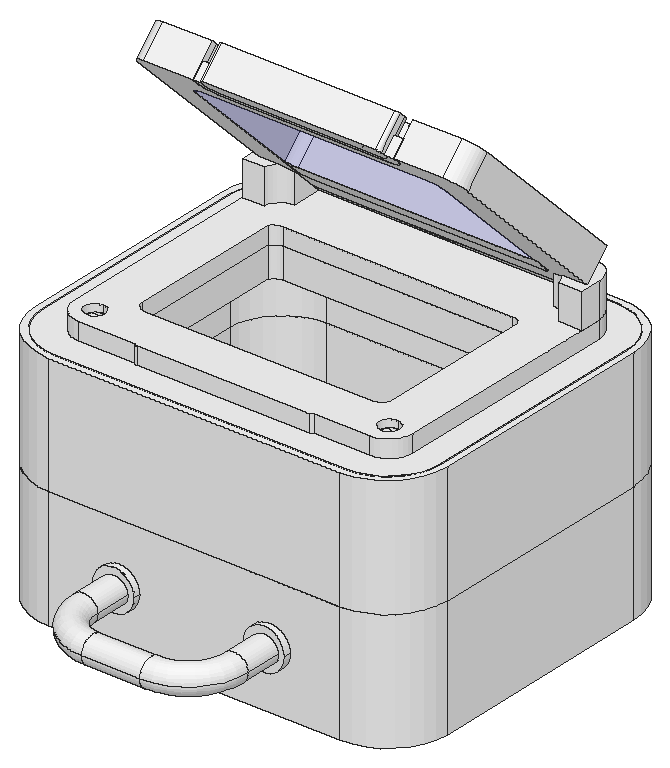
Revit family "Domotics-DomesticRanges-GEWISS-27COMBI_SYSTEM-IP55_FIXING_POST_BRACKET", category Apparecchi elettrici, host Superficie, Revit 2016
Family settings
  Host = Superficie
  Mantenere orientamento annotazione = No
  Tipo di parte = Normale
  Quota connettore circolare = Usa diametro
  Numero OmniClass = 23.80.30.14.24
  Titolo OmniClass = Junction Boxes
  Taglio con vuoti quando caricato = Sì
  Condiviso = No
  Punto di calcolo locali = No
Parameters (values of type "GW27057 - 3 gangs - post fixing")
  Version file RFA = "19.4"
  URL = "https://www.gewiss.com/ww/en"
  Type of knockout holes = "Removable with tool"
  Torque screws tightening = "0,8NM"
  Thermo-pressure with ball = "70 °C"
  Technical sheet = "https://www.gewiss.com/ww/en/search?q=GW27057"
  Standard; = "EN 60670-1"
  Shock resistance = "IK07"
  SPORTELLO APERTO [instance] = yes
  SEO = "Enclosure"
  Realized by GEWISS S.p.A. = ""
  Produttore = "GEWISS S.p.A."
  Outer dim. LxHxD (mm) = "122x164x85"
  Offset = 0 mm
  No. open holes = "1"
  No. knockouts holes Ã˜20 = "1"
  No. SYSTEM modules = "3 gang"
  Modello = "GW27057"
  Lid screws = "Stainless steel"
  Insulation class = "II"
  Installation temperature = "-25 +60 °C"
  IP degree = "IP55"
  IFC.TypeObject = ""
  IFC.ExportType = ""
  IFC.ExportAs = ""
  Default Elevation = 1219.2 mm
  Immagine tipo = GW27057.jpg
  IDT = "412df75b-c3fd-4420-9821-ba4985a7eb74"
  IDF = "2b74a3d1-c86b-4a0d-9461-8d5ed67e54bd"
  Glow Wire Test = "650°C"
  For pole Ã˜ = "54-76MM"
  Fixing = "Post bracket"
  Electrocod = "0212"
  EAN code = "8011564055438"
  Door type = "With membrane"
  Door colour: = "Transparent"
  Descrizione = "3 GANG WATERTIGHT ENCL.FOR POST FIXING"
  Description: = "3 gang"
  Colour = "Grey RAL 7035"
  Catalogue Range = "27COMBI"
  Catalogue = "DOMOTICS"
  COBie.Tagnumber = ""
  COBie.CreatedOn = ""
  COBie.CreatebBy = ""
  COBie.ComponentRegisterItemID = ""
  COBie.Component.TagNumber = ""
  COBie.Component.Space = ""
  COBie.Component.SerialNumber = ""
  COBie.Component.InstallationDate = ""
  COBie.Component.Description = ""
  COBie.Component.BarCode = ""
Reference planes
  plane 1 "Centro (Fronte/Retro)": y = 0
  plane 2: z = 0
  plane 3 "Centro (Sinistra/Destra)": x = 0
  plane 4: z = 0
  plane 5: x = -60
  plane 6: x = 60
  plane 7: y = -51.5
  plane 8: y = 51.5
  plane 9: z = 66
Lines and regions (mm)
  Masking region 1
    outline origin (0, 0, 0) x (1, 0, 0) y (0, 0, 1)
      loop
        line (-60, 0) -> (60, 0) -> (60, 66) -> (-60, 66) -> (-60, 0)
  Masking region 2
    outline origin (0, 0, 0) x (0, 1, 0) y (0, 0, 1)
      loop
        line (-51.5, 0) -> (51.5, 0) -> (51.5, 66) -> (-51.5, 66) -> (-51.5, 0)
  Masking region 3
    outline origin (0, 0, 0) x (1, 0, 0) y (0, 1, 0)
      loop
        line (16.52, 52.5) -> (26.038, 52.5) -> (26.038, 64.422)
        arc (26.038, 64.422) -> (20.912, 76.796) -> (8.538, 81.922) r 17.5
        line (8.538, 81.922) -> (-8.462, 81.922)
        arc (-8.462, 81.922) -> (-20.837, 76.796) -> (-25.962, 64.422) r 17.5
        line (-25.962, 64.422) -> (-25.962, 52.5) -> (-16.444, 52.5) -> (-16.444, 65.422)
        arc (-16.444, 65.422) -> (-16.152, 66.129) -> (-15.444, 66.422) r 1
        line (-15.444, 66.422) -> (15.52, 66.422)
        arc (15.52, 66.422) -> (16.227, 66.129) -> (16.52, 65.422) r 1
        line (16.52, 65.422) -> (16.52, 52.5)
      loop
        line (16.52, -52.5) -> (16.52, -65.422)
        arc (16.52, -65.422) -> (16.227, -66.129) -> (15.52, -66.422) r 1
        line (15.52, -66.422) -> (-15.444, -66.422)
        arc (-15.444, -66.422) -> (-16.152, -66.129) -> (-16.444, -65.422) r 1
        line (-16.444, -65.422) -> (-16.444, -52.5) -> (-25.962, -52.5) -> (-25.962, -64.422)
        arc (-25.962, -64.422) -> (-20.837, -76.796) -> (-8.462, -81.922) r 17.5
        line (-8.462, -81.922) -> (8.538, -81.922)
        arc (8.538, -81.922) -> (20.912, -76.796) -> (26.038, -64.422) r 17.5
        line (26.038, -64.422) -> (26.038, -52.5) -> (16.52, -52.5)
      loop
        arc (60, 34) -> (54.874, 46.374) -> (42.5, 51.5) r 17.5
        line (42.5, 51.5) -> (-42.5, 51.5)
        arc (-42.5, 51.5) -> (-54.874, 46.374) -> (-60, 34) r 17.5
        line (-60, 34) -> (-60, -34)
        arc (-60, -34) -> (-54.874, -46.374) -> (-42.5, -51.5) r 17.5
        line (-42.5, -51.5) -> (42.5, -51.5)
        arc (42.5, -51.5) -> (54.874, -46.374) -> (60, -34) r 17.5
        line (60, -34) -> (60, 34)
      loop
        arc (56.306, 34.157) -> (52.271, 43.898) -> (42.529, 47.933) r 13.777
        line (42.529, 47.933) -> (-42.496, 47.933)
        arc (-42.496, 47.933) -> (-51.949, 44.221) -> (-56.35, 35.067) r 13.891
        line (-56.35, 35.067) -> (-56.35, -34)
        arc (-56.35, -34) -> (-52.293, -43.793) -> (-42.5, -47.85) r 13.85
        line (-42.5, -47.85) -> (42.5, -47.85)
        arc (42.5, -47.85) -> (52.675, -43.395) -> (56.306, -32.898) r 13.85
        line (56.306, -32.898) -> (56.306, 34.157)
      loop
        line (26.425, -40.831) -> (42.763, -40.831)
        arc (42.763, -40.831) -> (47.713, -38.781) -> (49.763, -33.831) r 7
        line (49.763, -33.831) -> (49.763, 34.169)
        arc (49.763, 34.169) -> (47.713, 39.118) -> (42.763, 41.169) r 7
        line (42.763, 41.169) -> (-42.237, 41.169)
        arc (-42.237, 41.169) -> (-47.186, 39.118) -> (-49.237, 34.169) r 7
        line (-49.237, 34.169) -> (-49.237, -33.831)
        arc (-49.237, -33.831) -> (-47.186, -38.781) -> (-42.237, -40.831) r 7
        line (-42.237, -40.831) -> (-25.898, -40.831)
        arc (-25.898, -40.831) -> (-25.533, -41.192) -> (-25.037, -41.324) r 1
        line (-25.037, -41.324) -> (25.563, -41.324)
        arc (25.563, -41.324) -> (26.06, -41.192) -> (26.425, -40.831) r 1
      loop
        circle (-17.337, -38.622) r 1
      loop
        circle (-8.537, -38.622) r 1
      loop
        circle (0.263, -38.622) r 1
      loop
        circle (9.063, -38.622) r 1
      loop
        circle (17.863, -38.622) r 1
      loop
        circle (43.263, -34.331) r 3
      loop
        circle (-42.737, -34.331) r 3
      loop
        circle (-42.737, 34.669) r 3
      loop
        circle (43.263, 34.669) r 3
      loop
        arc (-33.5, 30.169) -> (-35.621, 29.29) -> (-36.5, 27.169) r 3
        line (-36.5, 27.169) -> (-36.5, -24.831)
        arc (-36.5, -24.831) -> (-35.621, -26.953) -> (-33.5, -27.831) r 3
        line (-33.5, -27.831) -> (33.5, -27.831)
        arc (33.5, -27.831) -> (35.621, -26.953) -> (36.5, -24.831) r 3
        line (36.5, -24.831) -> (36.5, 27.169)
        arc (36.5, 27.169) -> (35.621, 29.29) -> (33.5, 30.169) r 3
        line (33.5, 30.169) -> (-33.5, 30.169)
      loop
        line (34.65, 19.669) -> (-34.65, 19.669) -> (-34.65, -25.331) -> (34.65, -25.331) -> (34.65, 19.669)
  Masking region 4
    outline origin (0, 0, 0) x (1, 0, 0) y (0, 1, 0)
      loop
        line (42.529, 47.933) -> (-42.496, 47.933)
        arc (-42.496, 47.933) -> (-51.949, 44.221) -> (-56.35, 35.067) r 13.891
        line (-56.35, 35.067) -> (-56.35, -34)
        arc (-56.35, -34) -> (-52.293, -43.793) -> (-42.5, -47.85) r 13.85
        line (-42.5, -47.85) -> (42.5, -47.85)
        arc (42.5, -47.85) -> (52.675, -43.395) -> (56.306, -32.898) r 13.85
        line (56.306, -32.898) -> (56.306, 34.157)
        arc (56.306, 34.157) -> (52.271, 43.898) -> (42.529, 47.933) r 13.777
      loop
        line (42.763, 41.169) -> (-42.237, 41.169)
        arc (-42.237, 41.169) -> (-47.186, 39.118) -> (-49.237, 34.169) r 7
        line (-49.237, 34.169) -> (-49.237, -33.831)
        arc (-49.237, -33.831) -> (-47.186, -38.781) -> (-42.237, -40.831) r 7
        line (-42.237, -40.831) -> (-25.898, -40.831)
        arc (-25.898, -40.831) -> (-25.533, -41.192) -> (-25.037, -41.324) r 1
        line (-25.037, -41.324) -> (25.563, -41.324)
        arc (25.563, -41.324) -> (26.06, -41.192) -> (26.425, -40.831) r 1
        line (26.425, -40.831) -> (42.763, -40.831)
        arc (42.763, -40.831) -> (47.713, -38.781) -> (49.763, -33.831) r 7
        line (49.763, -33.831) -> (49.763, 34.169)
        arc (49.763, 34.169) -> (47.713, 39.118) -> (42.763, 41.169) r 7
  Masking region 5
    outline origin (0, 0, 0) x (1, 0, 0) y (0, 1, 0)
      loop
        line (-16, -51.5) -> (-28, -51.5) -> (-28, -52.5) -> (-16, -52.5) -> (-16, -51.5)
      loop
        line (16, -51.5) -> (16, -52.5) -> (28, -52.5) -> (28, -51.5) -> (16, -51.5)
      loop
        line (-16, 51.5) -> (-16, 52.5) -> (-28, 52.5) -> (-28, 51.5) -> (-16, 51.5)
      loop
        line (16, 51.5) -> (28, 51.5) -> (28, 52.5) -> (16, 52.5) -> (16, 51.5)
      loop
        line (-37.737, 41.169) -> (-42.237, 41.169)
        arc (-42.237, 41.169) -> (-47.186, 39.118) -> (-49.237, 34.169) r 7
        line (-49.237, 34.169) -> (-49.237, 27.637)
        arc (-49.237, 27.637) -> (-46.111, 27.71) -> (-42.986, 27.836) r 185.778
        arc (-42.986, 27.836) -> (-41.206, 31.123) -> (-37.737, 32.513) r 5.5
        line (-37.737, 32.513) -> (-37.737, 41.169)
      loop
        line (49.763, 27.16) -> (49.763, 34.169)
        arc (49.763, 34.169) -> (47.713, 39.118) -> (42.763, 41.169) r 7
        line (42.763, 41.169) -> (38.063, 41.169) -> (38.063, 32.217)
        arc (38.063, 32.217) -> (41.631, 30.811) -> (43.264, 27.342) r 5.2
        arc (43.264, 27.342) -> (46.513, 27.221) -> (49.763, 27.16) r 177.869
      loop
        circle (-42.737, 34.669) r 3
      loop
        circle (43.263, 34.669) r 3
      loop
        arc (-33.5, 30.169) -> (-35.621, 29.29) -> (-36.5, 27.169) r 3
        line (-36.5, 27.169) -> (-36.5, 20.971)
        arc (-36.5, 20.971) -> (-35.223, 22.215) -> (-33.5, 22.669) r 3.5
        line (-33.5, 22.669) -> (33.5, 22.669)
        arc (33.5, 22.669) -> (35.223, 22.215) -> (36.5, 20.971) r 3.5
        line (36.5, 20.971) -> (36.5, 27.169)
        arc (36.5, 27.169) -> (35.621, 29.29) -> (33.5, 30.169) r 3
        line (33.5, 30.169) -> (-33.5, 30.169)
  Masking region 6
    outline origin (0, 0, 0) x (1, 0, 0) y (0, 1, 0)
      loop
        arc (-23.037, -35.165) -> (-25.158, -36.044) -> (-26.037, -38.165) r 3
        line (-26.037, -38.165) -> (-26.037, -40.324)
        arc (-26.037, -40.324) -> (-25.744, -41.031) -> (-25.037, -41.324) r 1
        line (-25.037, -41.324) -> (25.563, -41.324)
        arc (25.563, -41.324) -> (26.271, -41.031) -> (26.563, -40.324) r 1
        line (26.563, -40.324) -> (26.563, -38.165)
        arc (26.563, -38.165) -> (25.685, -36.044) -> (23.563, -35.165) r 3
        line (23.563, -35.165) -> (-23.037, -35.165)
      loop
        circle (-17.337, -38.622) r 1
      loop
        circle (-8.537, -38.622) r 1
      loop
        circle (0.263, -38.622) r 1
      loop
        circle (9.063, -38.622) r 1
      loop
        circle (17.863, -38.622) r 1
      loop
        arc (-47.7, 27.667) -> (-48.468, 27.65) -> (-49.237, 27.637) r 185.778
        line (-49.237, 27.637) -> (-49.237, -33.831)
        arc (-49.237, -33.831) -> (-47.186, -38.781) -> (-42.237, -40.831) r 7
        line (-42.237, -40.831) -> (-29.037, -40.831) -> (-29.037, -39.2) -> (-38.5, -39.2)
        arc (-38.5, -39.2) -> (-39.207, -38.907) -> (-39.5, -38.2) r 1
        line (-39.5, -38.2) -> (-39.5, -34.5)
        arc (-39.5, -34.5) -> (-40.525, -32.025) -> (-43, -31) r 3.5
        line (-43, -31) -> (-46.7, -31)
        arc (-46.7, -31) -> (-47.407, -30.707) -> (-47.7, -30) r 1
        line (-47.7, -30) -> (-47.7, 27.667)
      loop
        line (29.563, -40.831) -> (42.763, -40.831)
        arc (42.763, -40.831) -> (47.713, -38.781) -> (49.763, -33.831) r 7
        line (49.763, -33.831) -> (49.763, 27.16)
        arc (49.763, 27.16) -> (48.732, 27.173) -> (47.7, 27.192) r 177.869
        line (47.7, 27.192) -> (47.7, -30)
        arc (47.7, -30) -> (47.407, -30.707) -> (46.7, -31) r 1
        line (46.7, -31) -> (43, -31)
        arc (43, -31) -> (40.525, -32.025) -> (39.5, -34.5) r 3.5
        line (39.5, -34.5) -> (39.5, -38.2)
        arc (39.5, -38.2) -> (39.207, -38.907) -> (38.5, -39.2) r 1
        line (38.5, -39.2) -> (29.563, -39.2) -> (29.563, -40.831)
      loop
        circle (-42.737, -34.331) r 3
      loop
        circle (43.263, -34.331) r 3
      loop
        line (38.063, 38.269) -> (38.063, 41.169) -> (-37.737, 41.169) -> (-37.737, 38.268)
        arc (-37.737, 38.268) -> (0.163, 39.169) -> (38.063, 38.269) r 798.156
Dimensions and locks
  "Offset": plane 4 to host face
  locked: plane 9 to plane 4 at 66
  aligned and locked: plane 2 to host face
  aligned and locked: level to host face
  aligned and locked: plane 3 "Centro (Sinistra/Destra)" to nested 1
  aligned and locked: plane 1 "Centro (Fronte/Retro)" to nested 1
  aligned and locked: nested 1 to plane 4
  aligned and locked: Masking region 1 sketch curve to level
  aligned and locked: Masking region 1 sketch curve to nested 1
  aligned and locked: plane 6 to Masking region 1 sketch curve
  aligned and locked: plane 9 to Masking region 1 sketch curve
  aligned and locked: Masking region 2 sketch curve to level
  aligned and locked: Masking region 2 sketch curve to nested 1
  aligned and locked: plane 9 to Masking region 2 sketch curve
  aligned and locked: plane 8 to Masking region 2 sketch curve
Automatic sketch dimensions
  host sketch curve to host sketch curve = 2438.4 mm  (x2)
  Masking region 3 sketch curve to plane 7 = 1 mm  (x2)
  plane 8 to Masking region 3 sketch curve = 1 mm  (x2)
  Masking region 3 sketch curve to plane 3 "Centro (Sinistra/Destra)" = 25.962 mm
  Masking region 3 sketch curve to Masking region 3 sketch curve = 9.518 mm  (x4)
  Masking region 3 sketch curve to Masking region 3 sketch curve = 1 mm  (x8)
  Masking region 3 sketch curve to Masking region 3 sketch curve = 6.982 mm  (x4)
  plane 3 "Centro (Sinistra/Destra)" to Masking region 3 sketch curve = 8.538 mm  (x2)
  Masking region 3 sketch curve to plane 7 = 12.922 mm
  plane 8 to Masking region 3 sketch curve = 12.922 mm
  Masking region 3 sketch curve to plane 5 = 0 mm
  Masking region 3 sketch curve to plane 8 = 0 mm
  Masking region 3 sketch curve to plane 7 = 0 mm
  Masking region 3 sketch curve to plane 6 = 0 mm
  Masking region 3 sketch curve to Masking region 3 sketch curve = 16.538 mm
  Masking region 3 sketch curve to Masking region 3 sketch curve = 16.462 mm  (x2)
  Masking region 3 sketch curve to Masking region 3 sketch curve = 0 mm  (x6)
  Masking region 3 sketch curve to Masking region 3 sketch curve = 3.65 mm
  Masking region 3 sketch curve to Masking region 3 sketch curve = 0.004 mm
  Masking region 3 sketch curve to Masking region 3 sketch curve = 0.029 mm
  Masking region 3 sketch curve to plane 6 = 3.694 mm
  Masking region 3 sketch curve to Masking region 3 sketch curve = 0.042 mm
  Masking region 3 sketch curve to Masking region 3 sketch curve = 0.157 mm
  Masking region 3 sketch curve to Masking region 3 sketch curve = 6.737 mm  (x2)
  Masking region 3 sketch curve to Masking region 3 sketch curve = 0.263 mm  (x2)
  Masking region 3 sketch curve to Masking region 3 sketch curve = 0.259 mm
  Masking region 3 sketch curve to Masking region 3 sketch curve = 0.235 mm
  Masking region 3 sketch curve to Masking region 3 sketch curve = 6.542 mm
  Masking region 3 sketch curve to Masking region 3 sketch curve = 6.831 mm  (x3)
  Masking region 3 sketch curve to Masking region 3 sketch curve = 0.012 mm
  Masking region 3 sketch curve to Masking region 3 sketch curve = 0.064 mm
  Masking region 3 sketch curve to Masking region 3 sketch curve = 0.387 mm
  Masking region 3 sketch curve to Masking region 3 sketch curve = 0.862 mm  (x2)
  Masking region 3 sketch curve to Masking region 3 sketch curve = 0.241 mm
  Masking region 3 sketch curve to Masking region 3 sketch curve = 0.237 mm
  Masking region 3 sketch curve to Masking region 3 sketch curve = 5.737 mm
  Masking region 3 sketch curve to Masking region 3 sketch curve = 3 mm  (x3)
  Masking region 3 sketch curve to Masking region 3 sketch curve = 7.7 mm  (x2)
  Masking region 3 sketch curve to plane 3 "Centro (Sinistra/Destra)" = 8.537 mm
  plane 3 "Centro (Sinistra/Destra)" to Masking region 3 sketch curve = 0.263 mm
  Masking region 3 sketch curve to Masking region 3 sketch curve = 8.8 mm
  Masking region 3 sketch curve to Masking region 3 sketch curve = 9 mm  (x2)
  Masking region 3 sketch curve to Masking region 3 sketch curve = 0.5 mm  (x5)
  plane 7 to Masking region 3 sketch curve = 12.878 mm
  Masking region 3 sketch curve to Masking region 3 sketch curve = 1.701 mm  (x2)
  Masking region 3 sketch curve to Masking region 3 sketch curve = 0.331 mm
  Masking region 3 sketch curve to Masking region 3 sketch curve = 6.169 mm
  Masking region 3 sketch curve to Masking region 3 sketch curve = 0.627 mm
  Masking region 3 sketch curve to Masking region 3 sketch curve = 1.15 mm  (x2)
  Masking region 3 sketch curve to Masking region 3 sketch curve = 7.5 mm
  plane 5 to Masking region 4 sketch curve = 3.65 mm
  Masking region 4 sketch curve to Masking region 4 sketch curve = 13.85 mm  (x2)
  Masking region 4 sketch curve to Masking region 4 sketch curve = 13.854 mm
  plane 7 to Masking region 4 sketch curve = 3.65 mm
  Masking region 4 sketch curve to plane 6 = 17.5 mm
  Masking region 4 sketch curve to plane 8 = 3.567 mm
  Masking region 4 sketch curve to plane 6 = 17.471 mm
  Masking region 4 sketch curve to plane 6 = 3.694 mm
  Masking region 4 sketch curve to Masking region 4 sketch curve = 13.891 mm
  Masking region 4 sketch curve to Masking region 4 sketch curve = 6.737 mm
  Masking region 4 sketch curve to Masking region 4 sketch curve = 0.263 mm  (x2)
  Masking region 4 sketch curve to Masking region 4 sketch curve = 0.259 mm
  plane 7 to Masking region 4 sketch curve = 10.669 mm
  Masking region 4 sketch curve to Masking region 4 sketch curve = 16.338 mm
  Masking region 4 sketch curve to Masking region 4 sketch curve = 0.862 mm  (x2)
  Masking region 4 sketch curve to Masking region 4 sketch curve = 16.937 mm
  Masking region 4 sketch curve to Masking region 4 sketch curve = 0.235 mm
  Masking region 4 sketch curve to Masking region 4 sketch curve = 6.542 mm
  plane 7 to Masking region 4 sketch curve = 10.176 mm
  Masking region 4 sketch curve to Masking region 4 sketch curve = 6.831 mm
  Masking region 4 sketch curve to Masking region 4 sketch curve = 0.127 mm
  Masking region 5 sketch curve to plane 8 = 0 mm  (x2)
  Masking region 5 sketch curve to plane 7 = 0 mm  (x2)
  plane 8 to Masking region 5 sketch curve = 1 mm  (x2)
  Masking region 5 sketch curve to plane 3 "Centro (Sinistra/Destra)" = 28 mm  (x2)
  Masking region 5 sketch curve to plane 7 = 1 mm  (x2)
  Masking region 5 sketch curve to Masking region 5 sketch curve = 12 mm  (x4)
  plane 3 "Centro (Sinistra/Destra)" to Masking region 5 sketch curve = 16 mm  (x2)
  plane 5 to Masking region 5 sketch curve = 22.452 mm
  Masking region 5 sketch curve to Masking region 5 sketch curve = 0.189 mm
  plane 5 to Masking region 5 sketch curve = 7.985 mm
  Masking region 5 sketch curve to Masking region 5 sketch curve = 5.497 mm
  Masking region 5 sketch curve to Masking region 5 sketch curve = 5.439 mm
  Masking region 5 sketch curve to Masking region 5 sketch curve = 6.25 mm
  Masking region 5 sketch curve to Masking region 5 sketch curve = 8.655 mm
  Masking region 5 sketch curve to Masking region 5 sketch curve = 4.5 mm
  Masking region 5 sketch curve to Masking region 5 sketch curve = 7 mm
  Masking region 5 sketch curve to plane 6 = 17.237 mm
  Masking region 5 sketch curve to plane 8 = 17.331 mm
  Masking region 5 sketch curve to Masking region 5 sketch curve = 6.531 mm
  Masking region 5 sketch curve to Masking region 5 sketch curve = 4.7 mm
  Masking region 5 sketch curve to Masking region 5 sketch curve = 0.011 mm
  Masking region 5 sketch curve to plane 6 = 8.494 mm
  Masking region 5 sketch curve to Masking region 5 sketch curve = 7.152 mm
  Masking region 5 sketch curve to Masking region 5 sketch curve = 1.952 mm
  Masking region 5 sketch curve to Masking region 5 sketch curve = 8.374 mm
  Masking region 5 sketch curve to Masking region 5 sketch curve = 5.19 mm
  Masking region 5 sketch curve to Masking region 5 sketch curve = 0.182 mm
  Masking region 5 sketch curve to Masking region 5 sketch curve = 0.5 mm  (x4)
  Masking region 5 sketch curve to Masking region 5 sketch curve = 3 mm  (x4)
  Masking region 5 sketch curve to Masking region 5 sketch curve = 1.048 mm
  Masking region 5 sketch curve to Masking region 5 sketch curve = 4.575 mm
  Masking region 5 sketch curve to Masking region 5 sketch curve = 0.152 mm
  Masking region 5 sketch curve to Masking region 5 sketch curve = 8 mm  (x2)
  Masking region 5 sketch curve to Masking region 5 sketch curve = 3.5 mm
  Masking region 5 sketch curve to Masking region 5 sketch curve = 0 mm
  Masking region 6 sketch curve to Masking region 6 sketch curve = 1 mm  (x7)
  Masking region 6 sketch curve to Masking region 6 sketch curve = 3 mm  (x3)
  plane 3 "Centro (Sinistra/Destra)" to Masking region 6 sketch curve = 23.563 mm
  Masking region 6 sketch curve to Masking region 6 sketch curve = 2 mm
  plane 7 to Masking region 6 sketch curve = 10.176 mm
  Masking region 6 sketch curve to Masking region 6 sketch curve = 2.158 mm
  Masking region 6 sketch curve to Masking region 6 sketch curve = 5.7 mm  (x2)
  Masking region 6 sketch curve to Masking region 6 sketch curve = 0.457 mm  (x2)
  Masking region 6 sketch curve to Masking region 6 sketch curve = 12.463 mm
  Masking region 6 sketch curve to Masking region 6 sketch curve = 3.5 mm
  Masking region 6 sketch curve to Masking region 6 sketch curve = 3.7 mm  (x3)
  Masking region 6 sketch curve to Masking region 6 sketch curve = 7.8 mm
  plane 3 "Centro (Sinistra/Destra)" to Masking region 6 sketch curve = 0.263 mm
  Masking region 6 sketch curve to Masking region 6 sketch curve = 8.8 mm
  plane 7 to Masking region 6 sketch curve = 12.3 mm
  Masking region 6 sketch curve to Masking region 6 sketch curve = 0 mm  (x3)
  Masking region 6 sketch curve to plane 8 = 23.833 mm
  Masking region 6 sketch curve to Masking region 6 sketch curve = 1.537 mm
  Masking region 6 sketch curve to Masking region 6 sketch curve = 2.737 mm  (x2)
  Masking region 6 sketch curve to Masking region 6 sketch curve = 16.2 mm
  Masking region 6 sketch curve to Masking region 6 sketch curve = 7 mm
  plane 7 to Masking region 6 sketch curve = 10.669 mm
  Masking region 6 sketch curve to Masking region 6 sketch curve = 2.631 mm
  Masking region 6 sketch curve to Masking region 6 sketch curve = 0.263 mm  (x2)
  Masking region 6 sketch curve to Masking region 6 sketch curve = 0.169 mm  (x2)
  Masking region 6 sketch curve to Masking region 6 sketch curve = 4.263 mm
  Masking region 6 sketch curve to Masking region 6 sketch curve = 0.237 mm
  Masking region 6 sketch curve to Masking region 6 sketch curve = 1.631 mm
  Masking region 6 sketch curve to Masking region 6 sketch curve = 0.669 mm
  Masking region 6 sketch curve to Masking region 6 sketch curve = 0.032 mm
  plane 5 to Masking region 6 sketch curve = 7.985 mm
  Masking region 6 sketch curve to plane 6 = 8.494 mm
  Masking region 6 sketch curve to Masking region 6 sketch curve = 8.374 mm
  Masking region 6 sketch curve to Masking region 6 sketch curve = 0.029 mm
  Masking region 6 sketch curve to plane 8 = 24.34 mm
  plane 3 "Centro (Sinistra/Destra)" to Masking region 6 sketch curve = 0.17 mm
  Masking region 6 sketch curve to Masking region 6 sketch curve = 9.637 mm
  Masking region 6 sketch curve to Masking region 6 sketch curve = 10.601 mm
  Masking region 6 sketch curve to Masking region 6 sketch curve = 2.901 mm
  Masking region 6 sketch curve to Masking region 6 sketch curve = 2.9 mm
  Masking region 6 sketch curve to plane 7 = 707.488 mm
  radius of Masking region 3 sketch curve = 1 mm  (x5)
  radius of Masking region 3 sketch curve = 3 mm  (x4)
  radius of Masking region 5 sketch curve = 3 mm
  radius of Masking region 6 sketch curve = 1 mm  (x4)
  radius of Masking region 6 sketch curve = 3 mm
Nested families
  nested 1: "SYSTEM CONTENITORI IP55 3P PALO_BASE" at (0, 0, 0), Sportello aperto <- "SPORTELLO APERTO", type "SYSTEM CONTENITORI IP55 3P PALO_BASE"
    with Sportello chiuso no, Sportello aperto yes
Definition of nested family "SYSTEM CONTENITORI IP55 3P PALO_BASE"
  Parameters (values of type "SYSTEM CONTENITORI IP55 3P PALO_BASE")
    VETRO = none
    Sportello chiuso [instance] = not(Sportello aperto)  # no
    Sportello aperto [instance] = yes
    SCATOLA = none
    Profondità scatola = 85 mm
    Larghezza scatola = 120 mm
    Altezza scatola = 103 mm
    ACCIAIO = none
  Reference planes
    plane 1 "Centro (Fronte/Retro)": y = 0
    plane 2: z = 0
    plane 3 "Centro (Sinistra/Destra)": x = 0
    plane 4: x = -60
    plane 5: x = 60
    plane 6: y = 51.5
    plane 7: y = -51.5
    plane 8: z = 35
    plane 9: z = 75
    plane 10 "1": y = 34.669
    plane 11 "PIANO BIDIMENSIONALE": z = 70
    plane 12: z = 73
    plane 13: x = 28
    plane 14: x = 16
    plane 15 "2": z = 17.5
    plane 16: x = 22
  Forms (mm)
    Extrusion 1, solid, material <- "SCATOLA", detail levels medium+fine
      sketch origin (0, 0, 85) x (0, -1, 0) y (1, 0, 0)
        loop
          line (-51.5, 42.5) -> (-51.5, -42.5)
          arc (-51.5, -42.5) -> (-46.374, -54.874) -> (-34, -60) r 17.5
          line (-34, -60) -> (34, -60)
          arc (34, -60) -> (46.374, -54.874) -> (51.5, -42.5) r 17.5
          line (51.5, -42.5) -> (51.5, 42.5)
          arc (51.5, 42.5) -> (46.374, 54.874) -> (34, 60) r 17.5
          line (34, 60) -> (-34, 60)
          arc (-34, 60) -> (-46.374, 54.874) -> (-51.5, 42.5) r 17.5
        loop
          line (-49.5, 42.5) -> (-49.5, -42.5)
          arc (-49.5, -42.5) -> (-44.96, -53.46) -> (-34, -58) r 15.5
          line (-34, -58) -> (34, -58)
          arc (34, -58) -> (44.96, -53.46) -> (49.5, -42.5) r 15.5
          line (49.5, -42.5) -> (49.5, 42.5)
          arc (49.5, 42.5) -> (44.96, 53.46) -> (34, 58) r 15.5
          line (34, 58) -> (-34, 58)
          arc (-34, 58) -> (-44.96, 53.46) -> (-49.5, 42.5) r 15.5
      from -85 to -50
    Extrusion 2, solid, material <- "SCATOLA", detail levels medium+fine
      sketch origin (0, 0, 85) x (0, -1, 0) y (1, 0, 0)
        loop
          arc (-49.5, -42.5) -> (-44.96, -53.46) -> (-34, -58) r 15.5
          line (-34, -58) -> (34, -58)
          arc (34, -58) -> (44.96, -53.46) -> (49.5, -42.5) r 15.5
          line (49.5, -42.5) -> (49.5, 42.5)
          arc (49.5, 42.5) -> (44.96, 53.46) -> (34, 58) r 15.5
          line (34, 58) -> (-34, 58)
          arc (-34, 58) -> (-44.96, 53.46) -> (-49.5, 42.5) r 15.5
          line (-49.5, 42.5) -> (-49.5, -42.5)
      from -85 to -83
    Extrusion 3, solid, material <- "SCATOLA", detail levels medium+fine
      sketch origin (0, 0, 85) x (0, -1, 0) y (1, 0, 0)
        loop
          line (-51.5, 42.5) -> (-51.5, -42.5)
          arc (-51.5, -42.5) -> (-46.374, -54.874) -> (-34, -60) r 17.5
          line (-34, -60) -> (34, -60)
          arc (34, -60) -> (46.374, -54.874) -> (51.5, -42.5) r 17.5
          line (51.5, -42.5) -> (51.5, 42.5)
          arc (51.5, 42.5) -> (46.374, 54.874) -> (34, 60) r 17.5
          line (34, 60) -> (-34, 60)
          arc (-34, 60) -> (-46.374, 54.874) -> (-51.5, 42.5) r 17.5
        loop
          line (-49.5, 42.5) -> (-49.5, -42.5)
          arc (-49.5, -42.5) -> (-44.96, -53.46) -> (-34, -58) r 15.5
          line (-34, -58) -> (34, -58)
          arc (34, -58) -> (44.96, -53.46) -> (49.5, -42.5) r 15.5
          line (49.5, -42.5) -> (49.5, 42.5)
          arc (49.5, 42.5) -> (44.96, 53.46) -> (34, 58) r 15.5
          line (34, 58) -> (-34, 58)
          arc (-34, 58) -> (-44.96, 53.46) -> (-49.5, 42.5) r 15.5
      from -50 to -15
    Extrusion 4, solid, material <- "SCATOLA", detail levels medium+fine
      sketch origin (0, 0, 85) x (0, -1, 0) y (1, 0, 0)
        loop
          line (40.831, -42.237) -> (40.831, -25.898)
          arc (40.831, -25.898) -> (41.192, -25.533) -> (41.324, -25.037) r 1
          line (41.324, -25.037) -> (41.324, 25.563)
          arc (41.324, 25.563) -> (41.192, 26.06) -> (40.831, 26.425) r 1
          line (40.831, 26.425) -> (40.831, 42.763)
          arc (40.831, 42.763) -> (38.781, 47.713) -> (33.831, 49.763) r 7
          line (33.831, 49.763) -> (-34.169, 49.763)
          arc (-34.169, 49.763) -> (-39.118, 47.713) -> (-41.169, 42.763) r 7
          line (-41.169, 42.763) -> (-41.169, -42.237)
          arc (-41.169, -42.237) -> (-39.118, -47.186) -> (-34.169, -49.237) r 7
          line (-34.169, -49.237) -> (33.831, -49.237)
          arc (33.831, -49.237) -> (38.781, -47.186) -> (40.831, -42.237) r 7
        loop
          circle (-34.669, -42.737) r 3
        loop
          circle (-34.669, 42.737) r 3
        loop
          circle (34.331, -42.737) r 3
        loop
          circle (34.331, 43.263) r 3
        loop
          arc (-22.669, -33.5) -> (-22.215, -35.223) -> (-20.971, -36.5) r 3.5
          line (-20.971, -36.5) -> (24.831, -36.5)
          arc (24.831, -36.5) -> (26.953, -35.621) -> (27.831, -33.5) r 3
          line (27.831, -33.5) -> (27.831, 33.5)
          arc (27.831, 33.5) -> (26.953, 35.621) -> (24.831, 36.5) r 3
          line (24.831, 36.5) -> (-20.971, 36.5)
          arc (-20.971, 36.5) -> (-22.215, 35.223) -> (-22.669, 33.5) r 3.5
          line (-22.669, 33.5) -> (-22.669, -33.5)
      from -15 to -10
    Extrusion 5, solid, material <- "SCATOLA", visible <- "Sportello chiuso", detail levels medium+fine
      sketch origin (0, 0, 85) x (0, -1, 0) y (1, 0, 0)
        loop
          arc (34.465, -47.7) -> (37.514, -46.322) -> (39.2, -43.432) r 5.5
          line (39.2, -43.432) -> (39.2, -29.037) -> (37.188, -29.037)
          arc (37.188, -29.037) -> (34.006, -27.719) -> (32.688, -24.537) r 4.5
          line (32.688, -24.537) -> (32.688, 25.063)
          arc (32.688, 25.063) -> (34.006, 28.245) -> (37.188, 29.563) r 4.5
          line (37.188, 29.563) -> (39.2, 29.563) -> (39.2, 43.958)
          arc (39.2, 43.958) -> (37.272, 47.054) -> (33.831, 48.263) r 5.5
          line (33.831, 48.263) -> (-27.654, 48.263)
          arc (-27.654, 48.263) -> (-27.726, 45.624) -> (-27.836, 42.986) r 185.778
          arc (-27.836, 42.986) -> (-31.123, 41.206) -> (-32.513, 37.737) r 5.5
          line (-32.513, 37.737) -> (-38.284, 37.737)
          arc (-38.284, 37.737) -> (-39.169, 0) -> (-38.268, -37.737) r 798.156
          line (-38.268, -37.737) -> (-32.513, -37.737)
          arc (-32.513, -37.737) -> (-31.123, -41.206) -> (-27.836, -42.986) r 5.5
          arc (-27.836, -42.986) -> (-27.736, -45.343) -> (-27.667, -47.7) r 185.778
          line (-27.667, -47.7) -> (34.465, -47.7)
        loop
          arc (24.831, -36.5) -> (26.953, -35.621) -> (27.831, -33.5) r 3
          line (27.831, -33.5) -> (27.831, 33.5)
          arc (27.831, 33.5) -> (26.953, 35.621) -> (24.831, 36.5) r 3
          line (24.831, 36.5) -> (-27.169, 36.5)
          arc (-27.169, 36.5) -> (-29.29, 35.621) -> (-30.169, 33.5) r 3
          line (-30.169, 33.5) -> (-30.169, -33.5)
          arc (-30.169, -33.5) -> (-29.29, -35.621) -> (-27.169, -36.5) r 3
          line (-27.169, -36.5) -> (24.831, -36.5)
      from -10 to 0
    Extrusion 6, solid, material <- "SCATOLA", visible <- "Sportello chiuso", detail levels medium+fine
      sketch origin (0, 0, 85) x (0, -1, 0) y (1, 0, 0)
        loop
          line (-22.669, -33.5) -> (-22.669, 33.5)
          arc (-22.669, 33.5) -> (-22.215, 35.223) -> (-20.971, 36.5) r 3.5
          line (-20.971, 36.5) -> (-27.169, 36.5)
          arc (-27.169, 36.5) -> (-29.29, 35.621) -> (-30.169, 33.5) r 3
          line (-30.169, 33.5) -> (-30.169, -33.5)
          arc (-30.169, -33.5) -> (-29.29, -35.621) -> (-27.169, -36.5) r 3
          line (-27.169, -36.5) -> (-20.971, -36.5)
          arc (-20.971, -36.5) -> (-22.215, -35.223) -> (-22.669, -33.5) r 3.5
      from -10 to -0.5
    Extrusion 7, solid, material <- "VETRO", visible <- "Sportello chiuso", detail levels medium+fine
      sketch origin (0, 0, 85) x (0, -1, 0) y (1, 0, 0)
        loop
          arc (-22.669, -33.5) -> (-22.215, -35.223) -> (-20.971, -36.5) r 3.5
          line (-20.971, -36.5) -> (24.831, -36.5)
          arc (24.831, -36.5) -> (26.953, -35.621) -> (27.831, -33.5) r 3
          line (27.831, -33.5) -> (27.831, 33.5)
          arc (27.831, 33.5) -> (26.953, 35.621) -> (24.831, 36.5) r 3
          line (24.831, 36.5) -> (-20.971, 36.5)
          arc (-20.971, 36.5) -> (-22.215, 35.223) -> (-22.669, 33.5) r 3.5
          line (-22.669, 33.5) -> (-22.669, -33.5)
      from -10 to 0
    Revolve 8, solid, material <- "ACCIAIO", detail levels medium+fine
      sketch origin (0, 34.669, -1) x (1, 0, 0) y (0, 0, 1)
        loop
          line (-44.978, 84) -> (-42.737, 84) -> (-42.737, 85)
          arc (-42.737, 85) -> (-43.965, 84.742) -> (-44.978, 84) r 2.974
        axis (-42.737, 85) -> (-42.737, 84)
      angle from 0 to 360
    Extrusion 9, solid, material <- "SCATOLA", detail levels medium+fine
      sketch origin (0, 0, 85) x (0, -1, 0) y (1, 0, 0)
        loop
          circle (-34.669, -42.737) r 3
      from -15 to -2
    Revolve 10, solid, material <- "ACCIAIO", detail levels medium+fine
      sketch origin (0, 34.669, -1) x (-1, 0, 0) y (0, 0, 1)
        loop
          line (-44.978, 84) -> (-42.737, 84) -> (-42.737, 85)
          arc (-42.737, 85) -> (-43.965, 84.742) -> (-44.978, 84) r 2.974
        axis (-42.737, 85) -> (-42.737, 84)
      angle from 0 to 360
    Extrusion 11, solid, material <- "SCATOLA", detail levels medium+fine
      sketch origin (0, 0, 85) x (0, -1, 0) y (1, 0, 0)
        loop
          circle (-34.669, 42.737) r 3
      from -15 to -2
    Extrusion 12, solid, material <- "SCATOLA", detail levels medium+fine
      sketch origin (0, 0.337, 85) x (0, 1, 0) y (-1, 0, 0)
        loop
          circle (-34.669, 42.737) r 3
      from -15 to -12
    Extrusion 13, solid, material <- "SCATOLA", detail levels medium+fine
      sketch origin (0.937, 0.337, 85) x (0, 1, 0) y (-1, 0, 0)
        loop
          circle (-34.669, -42.327) r 3
      from -15 to -12
    Extrusion 14, solid, visible <- "Sportello chiuso", detail levels medium+fine
      sketch origin (0, 0, 85) x (0, -1, 0) y (1, 0, 0)
        loop
          arc (35.165, -23.037) -> (36.044, -25.158) -> (38.165, -26.037) r 3
          line (38.165, -26.037) -> (40.324, -26.037)
          arc (40.324, -26.037) -> (41.031, -25.744) -> (41.324, -25.037) r 1
          line (41.324, -25.037) -> (41.324, 25.563)
          arc (41.324, 25.563) -> (41.031, 26.271) -> (40.324, 26.563) r 1
          line (40.324, 26.563) -> (38.165, 26.563)
          arc (38.165, 26.563) -> (36.044, 25.685) -> (35.165, 23.563) r 3
          line (35.165, 23.563) -> (35.165, -23.037)
      from -10 to 0
    Extrusion 15, solid, detail levels medium+fine
      sketch origin (0, 0, 85) x (0, -1, 0) y (1, 0, 0)
        loop
          arc (-32.513, 37.737) -> (-31.123, 41.206) -> (-27.836, 42.986) r 5.5
          arc (-27.836, 42.986) -> (-27.702, 46.374) -> (-27.63, 49.763) r 185.778
          line (-27.63, 49.763) -> (-34.169, 49.763)
          arc (-34.169, 49.763) -> (-39.118, 47.713) -> (-41.169, 42.763) r 7
          line (-41.169, 42.763) -> (-41.169, 37.737) -> (-32.513, 37.737)
        loop
          arc (-41.169, -42.237) -> (-39.118, -47.186) -> (-34.169, -49.237) r 7
          line (-34.169, -49.237) -> (-27.637, -49.237)
          arc (-27.637, -49.237) -> (-27.71, -46.111) -> (-27.836, -42.986) r 185.778
          arc (-27.836, -42.986) -> (-31.123, -41.206) -> (-32.513, -37.737) r 5.5
          line (-32.513, -37.737) -> (-41.169, -37.737) -> (-41.169, -42.237)
        loop
          circle (-34.669, -42.737) r 3
        loop
          circle (-34.669, 42.737) r 3
      from -10 to 0
    SweptBlend 16, solid, material <- "SCATOLA", visible <- "Sportello chiuso", detail levels medium+fine
      path in 3D
        loop
          line (37.737, 41.169, 75) -> (0, 41.169, 75)
      profile origin (37.737, 41.169, 75) x (0, -1, 0) y (0, 0, 1)
        loop
          line (0, 0) -> (2.885, 0) -> (2.885, 10)
          arc (2.885, 10) -> (0.773, 7.886) -> (0, 5) r 5.776
          line (0, 5) -> (0, 0)
      end profile origin (0, 41.169, 75) x (0, -1, 0) y (0, 0, 1)
        loop
          line (0, 0) -> (2, 0) -> (2, 10)
          arc (2, 10) -> (0.519, 7.693) -> (0, 5) r 7.25
          line (0, 5) -> (0, 0)
    SweptBlend 17, solid, material <- "SCATOLA", visible <- "Sportello chiuso", detail levels medium+fine
      path in 3D
        loop
          line (-37.737, 41.169, 75) -> (0, 41.169, 75)
      profile origin (-37.737, 41.169, 75) x (0, 1, 0) y (0, 0, 1)
        loop
          line (0, 0) -> (0, 5)
          arc (0, 5) -> (-0.773, 7.886) -> (-2.885, 10) r 5.776
          line (-2.885, 10) -> (-2.885, 0) -> (0, 0)
      end profile origin (0, 41.169, 75) x (0, 1, 0) y (0, 0, 1)
        loop
          line (0, 0) -> (0, 5)
          arc (0, 5) -> (-0.519, 7.693) -> (-2, 10) r 7.25
          line (-2, 10) -> (-2, 0) -> (0, 0)
    Extrusion 18, solid, visible <- "Sportello chiuso", detail levels medium+fine
      sketch origin (0, 0, 85) x (0, -1, 0) y (1, 0, 0)
        loop
          line (39.2, -29.037) -> (39.2, 29.563) -> (37.188, 29.563)
          arc (37.188, 29.563) -> (34.006, 28.245) -> (32.688, 25.063) r 4.5
          line (32.688, 25.063) -> (32.688, -24.537)
          arc (32.688, -24.537) -> (34.006, -27.719) -> (37.188, -29.037) r 4.5
          line (37.188, -29.037) -> (39.2, -29.037)
      from -10 to -5
    Extrusion 19, solid, material <- "SCATOLA", visible <- "Sportello chiuso", not visible, detail levels medium+fine
      sketch origin (0, 0, 85) x (0, -1, 0) y (1, 0, 0)
        loop
          arc (34.465, -47.7) -> (37.514, -46.322) -> (39.2, -43.432) r 5.5
          line (39.2, -43.432) -> (39.2, -29.037) -> (37.188, -29.037)
          arc (37.188, -29.037) -> (34.006, -27.719) -> (32.688, -24.537) r 4.5
          line (32.688, -24.537) -> (32.688, 25.063)
          arc (32.688, 25.063) -> (34.006, 28.245) -> (37.188, 29.563) r 4.5
          line (37.188, 29.563) -> (39.2, 29.563) -> (39.2, 43.958)
          arc (39.2, 43.958) -> (37.272, 47.054) -> (33.831, 48.263) r 5.5
          line (33.831, 48.263) -> (-27.654, 48.263)
          arc (-27.654, 48.263) -> (-27.726, 45.624) -> (-27.836, 42.986) r 185.778
          arc (-27.836, 42.986) -> (-31.123, 41.206) -> (-32.513, 37.737) r 5.5
          line (-32.513, 37.737) -> (-38.284, 37.737)
          arc (-38.284, 37.737) -> (-39.169, 0) -> (-38.268, -37.737) r 798.156
          line (-38.268, -37.737) -> (-32.513, -37.737)
          arc (-32.513, -37.737) -> (-31.123, -41.206) -> (-27.836, -42.986) r 5.5
          arc (-27.836, -42.986) -> (-27.736, -45.343) -> (-27.667, -47.7) r 185.778
          line (-27.667, -47.7) -> (34.465, -47.7)
        loop
          arc (24.831, -36.5) -> (26.953, -35.621) -> (27.831, -33.5) r 3
          line (27.831, -33.5) -> (27.831, 33.5)
          arc (27.831, 33.5) -> (26.953, 35.621) -> (24.831, 36.5) r 3
          line (24.831, 36.5) -> (-27.169, 36.5)
          arc (-27.169, 36.5) -> (-29.29, 35.621) -> (-30.169, 33.5) r 3
          line (-30.169, 33.5) -> (-30.169, -33.5)
          arc (-30.169, -33.5) -> (-29.29, -35.621) -> (-27.169, -36.5) r 3
          line (-27.169, -36.5) -> (24.831, -36.5)
      from -10 to 0
    Extrusion 20, solid, material <- "SCATOLA", visible <- "Sportello chiuso", not visible, detail levels medium+fine
      sketch origin (0, 0, 85) x (0, -1, 0) y (1, 0, 0)
        loop
          line (-22.669, -33.5) -> (-22.669, 33.5)
          arc (-22.669, 33.5) -> (-22.215, 35.223) -> (-20.971, 36.5) r 3.5
          line (-20.971, 36.5) -> (-27.169, 36.5)
          arc (-27.169, 36.5) -> (-29.29, 35.621) -> (-30.169, 33.5) r 3
          line (-30.169, 33.5) -> (-30.169, -33.5)
          arc (-30.169, -33.5) -> (-29.29, -35.621) -> (-27.169, -36.5) r 3
          line (-27.169, -36.5) -> (-20.971, -36.5)
          arc (-20.971, -36.5) -> (-22.215, -35.223) -> (-22.669, -33.5) r 3.5
      from -10 to -0.5
    Extrusion 21, solid, material <- "VETRO", visible <- "Sportello chiuso", not visible, detail levels medium+fine
      sketch origin (0, 0, 85) x (0, -1, 0) y (1, 0, 0)
        loop
          arc (-22.669, -33.5) -> (-22.215, -35.223) -> (-20.971, -36.5) r 3.5
          line (-20.971, -36.5) -> (24.831, -36.5)
          arc (24.831, -36.5) -> (26.953, -35.621) -> (27.831, -33.5) r 3
          line (27.831, -33.5) -> (27.831, 33.5)
          arc (27.831, 33.5) -> (26.953, 35.621) -> (24.831, 36.5) r 3
          line (24.831, 36.5) -> (-20.971, 36.5)
          arc (-20.971, 36.5) -> (-22.215, 35.223) -> (-22.669, 33.5) r 3.5
          line (-22.669, 33.5) -> (-22.669, -33.5)
      from -10 to 0
    Extrusion 22, solid, visible <- "Sportello chiuso", not visible, detail levels medium+fine
      sketch origin (0, 0, 85) x (0, -1, 0) y (1, 0, 0)
        loop
          arc (35.165, -23.037) -> (36.044, -25.158) -> (38.165, -26.037) r 3
          line (38.165, -26.037) -> (40.324, -26.037)
          arc (40.324, -26.037) -> (41.031, -25.744) -> (41.324, -25.037) r 1
          line (41.324, -25.037) -> (41.324, 25.563)
          arc (41.324, 25.563) -> (41.031, 26.271) -> (40.324, 26.563) r 1
          line (40.324, 26.563) -> (38.165, 26.563)
          arc (38.165, 26.563) -> (36.044, 25.685) -> (35.165, 23.563) r 3
          line (35.165, 23.563) -> (35.165, -23.037)
      from -10 to 0
    SweptBlend 23, solid, material <- "SCATOLA", visible <- "Sportello chiuso", not visible, detail levels medium+fine
      path in 3D
        loop
          line (37.737, 41.169, 75) -> (0, 41.169, 75)
      profile origin (37.737, 41.169, 75) x (0, -1, 0) y (0, 0, 1)
        loop
          line (0, 0) -> (2.885, 0) -> (2.885, 10)
          arc (2.885, 10) -> (0.773, 7.886) -> (0, 5) r 5.776
          line (0, 5) -> (0, 0)
      end profile origin (0, 41.169, 75) x (0, -1, 0) y (0, 0, 1)
        loop
          line (0, 0) -> (2, 0) -> (2, 10)
          arc (2, 10) -> (0.519, 7.693) -> (0, 5) r 7.25
          line (0, 5) -> (0, 0)
    SweptBlend 24, solid, material <- "SCATOLA", visible <- "Sportello chiuso", not visible, detail levels medium+fine
      path in 3D
        loop
          line (-37.737, 41.169, 75) -> (0, 41.169, 75)
      profile origin (-37.737, 41.169, 75) x (0, 1, 0) y (0, 0, 1)
        loop
          line (0, 0) -> (0, 5)
          arc (0, 5) -> (-0.773, 7.886) -> (-2.885, 10) r 5.776
          line (-2.885, 10) -> (-2.885, 0) -> (0, 0)
      end profile origin (0, 41.169, 75) x (0, 1, 0) y (0, 0, 1)
        loop
          line (0, 0) -> (0, 5)
          arc (0, 5) -> (-0.519, 7.693) -> (-2, 10) r 7.25
          line (-2, 10) -> (-2, 0) -> (0, 0)
    Extrusion 25, solid, visible <- "Sportello chiuso", not visible, detail levels medium+fine
      sketch origin (0, 0, 85) x (0, -1, 0) y (1, 0, 0)
        loop
          line (39.2, -29.037) -> (39.2, 29.563) -> (37.188, 29.563)
          arc (37.188, 29.563) -> (34.006, 28.245) -> (32.688, 25.063) r 4.5
          line (32.688, 25.063) -> (32.688, -24.537)
          arc (32.688, -24.537) -> (34.006, -27.719) -> (37.188, -29.037) r 4.5
          line (37.188, -29.037) -> (39.2, -29.037)
      from -10 to -5
    Extrusion 26, solid, material <- "SCATOLA", visible <- "Sportello aperto", detail levels medium+fine
      sketch origin (0, 19.129, 111.182) x (0, -0.707107, 0.707107) y (1, 0, 0)
        loop
          arc (34.465, -47.7) -> (37.514, -46.322) -> (39.2, -43.432) r 5.5
          line (39.2, -43.432) -> (39.2, -29.037) -> (37.188, -29.037)
          arc (37.188, -29.037) -> (34.006, -27.719) -> (32.688, -24.537) r 4.5
          line (32.688, -24.537) -> (32.688, 25.063)
          arc (32.688, 25.063) -> (34.006, 28.245) -> (37.188, 29.563) r 4.5
          line (37.188, 29.563) -> (39.2, 29.563) -> (39.2, 43.958)
          arc (39.2, 43.958) -> (37.272, 47.054) -> (33.831, 48.263) r 5.5
          line (33.831, 48.263) -> (-27.654, 48.263)
          arc (-27.654, 48.263) -> (-27.726, 45.624) -> (-27.836, 42.986) r 185.778
          arc (-27.836, 42.986) -> (-31.123, 41.206) -> (-32.513, 37.737) r 5.5
          line (-32.513, 37.737) -> (-38.284, 37.737)
          arc (-38.284, 37.737) -> (-39.169, 0) -> (-38.268, -37.737) r 798.156
          line (-38.268, -37.737) -> (-32.513, -37.737)
          arc (-32.513, -37.737) -> (-31.123, -41.206) -> (-27.836, -42.986) r 5.5
          arc (-27.836, -42.986) -> (-27.736, -45.343) -> (-27.667, -47.7) r 185.778
          line (-27.667, -47.7) -> (34.465, -47.7)
        loop
          arc (24.831, -36.5) -> (26.953, -35.621) -> (27.831, -33.5) r 3
          line (27.831, -33.5) -> (27.831, 33.5)
          arc (27.831, 33.5) -> (26.953, 35.621) -> (24.831, 36.5) r 3
          line (24.831, 36.5) -> (-27.169, 36.5)
          arc (-27.169, 36.5) -> (-29.29, 35.621) -> (-30.169, 33.5) r 3
          line (-30.169, 33.5) -> (-30.169, -33.5)
          arc (-30.169, -33.5) -> (-29.29, -35.621) -> (-27.169, -36.5) r 3
          line (-27.169, -36.5) -> (24.831, -36.5)
      from -10 to 0
    Extrusion 27, solid, material <- "SCATOLA", visible <- "Sportello aperto", detail levels medium+fine
      sketch origin (0, 19.129, 111.182) x (0, -0.707107, 0.707107) y (1, 0, 0)
        loop
          line (-22.669, -33.5) -> (-22.669, 33.5)
          arc (-22.669, 33.5) -> (-22.215, 35.223) -> (-20.971, 36.5) r 3.5
          line (-20.971, 36.5) -> (-27.169, 36.5)
          arc (-27.169, 36.5) -> (-29.29, 35.621) -> (-30.169, 33.5) r 3
          line (-30.169, 33.5) -> (-30.169, -33.5)
          arc (-30.169, -33.5) -> (-29.29, -35.621) -> (-27.169, -36.5) r 3
          line (-27.169, -36.5) -> (-20.971, -36.5)
          arc (-20.971, -36.5) -> (-22.215, -35.223) -> (-22.669, -33.5) r 3.5
      from -10 to -0.5
    Extrusion 28, solid, material <- "VETRO", visible <- "Sportello aperto", detail levels medium+fine
      sketch origin (0, 19.129, 111.182) x (0, -0.707107, 0.707107) y (1, 0, 0)
        loop
          arc (-22.669, -33.5) -> (-22.215, -35.223) -> (-20.971, -36.5) r 3.5
          line (-20.971, -36.5) -> (24.831, -36.5)
          arc (24.831, -36.5) -> (26.953, -35.621) -> (27.831, -33.5) r 3
          line (27.831, -33.5) -> (27.831, 33.5)
          arc (27.831, 33.5) -> (26.953, 35.621) -> (24.831, 36.5) r 3
          line (24.831, 36.5) -> (-20.971, 36.5)
          arc (-20.971, 36.5) -> (-22.215, 35.223) -> (-22.669, 33.5) r 3.5
          line (-22.669, 33.5) -> (-22.669, -33.5)
      from -10 to 0
    Extrusion 29, solid, visible <- "Sportello aperto", detail levels medium+fine
      sketch origin (0, 19.129, 111.182) x (0, -0.707107, 0.707107) y (1, 0, 0)
        loop
          arc (35.165, -23.037) -> (36.044, -25.158) -> (38.165, -26.037) r 3
          line (38.165, -26.037) -> (40.324, -26.037)
          arc (40.324, -26.037) -> (41.031, -25.744) -> (41.324, -25.037) r 1
          line (41.324, -25.037) -> (41.324, 25.563)
          arc (41.324, 25.563) -> (41.031, 26.271) -> (40.324, 26.563) r 1
          line (40.324, 26.563) -> (38.165, 26.563)
          arc (38.165, 26.563) -> (36.044, 25.685) -> (35.165, 23.563) r 3
          line (35.165, 23.563) -> (35.165, -23.037)
      from -10 to 0
    SweptBlend 30, solid, material <- "SCATOLA", visible <- "Sportello aperto", detail levels medium+fine
      path in 3D
        loop
          line (37.737, 41.169, 75) -> (0, 41.169, 75)
      profile origin (37.737, 41.169, 75) x (0, -1, 0) y (0, 0, 1)
        loop
          line (0, 0) -> (2.04, 2.04) -> (-5.031, 9.111)
          arc (-5.031, 9.111) -> (-5.03, 6.123) -> (-3.536, 3.536) r 5.776
          line (-3.536, 3.536) -> (0, 0)
      end profile origin (0, 41.169, 75) x (0, -1, 0) y (0, 0, 1)
        loop
          line (0, 0) -> (1.414, 1.414) -> (-5.657, 8.485)
          arc (-5.657, 8.485) -> (-5.073, 5.806) -> (-3.536, 3.536) r 7.25
          line (-3.536, 3.536) -> (0, 0)
    SweptBlend 31, solid, material <- "SCATOLA", visible <- "Sportello aperto", detail levels medium+fine
      path in 3D
        loop
          line (-37.737, 41.169, 75) -> (0, 41.169, 75)
      profile origin (-37.737, 41.169, 75) x (0, 1, 0) y (0, 0, 1)
        loop
          line (0, 0) -> (3.536, 3.536)
          arc (3.536, 3.536) -> (5.03, 6.123) -> (5.031, 9.111) r 5.776
          line (5.031, 9.111) -> (-2.04, 2.04) -> (0, 0)
      end profile origin (0, 41.169, 75) x (0, 1, 0) y (0, 0, 1)
        loop
          line (0, 0) -> (3.536, 3.536)
          arc (3.536, 3.536) -> (5.073, 5.806) -> (5.657, 8.485) r 7.25
          line (5.657, 8.485) -> (-1.414, 1.414) -> (0, 0)
    Extrusion 32, solid, visible <- "Sportello aperto", detail levels medium+fine
      sketch origin (0, 19.129, 111.182) x (0, -0.707107, 0.707107) y (1, 0, 0)
        loop
          line (39.2, -29.037) -> (39.2, 29.563) -> (37.188, 29.563)
          arc (37.188, 29.563) -> (34.006, 28.245) -> (32.688, 25.063) r 4.5
          line (32.688, 25.063) -> (32.688, -24.537)
          arc (32.688, -24.537) -> (34.006, -27.719) -> (37.188, -29.037) r 4.5
          line (37.188, -29.037) -> (39.2, -29.037)
      from -10 to -5
    Extrusion 33, solid, material <- "SCATOLA", visible <- "Sportello aperto", not visible, detail levels medium+fine
      sketch origin (-138.493, -168.088, 83.481) x (0, -0.707107, 0.707107) y (1, 0, 0)
        loop
          arc (34.465, -47.7) -> (37.514, -46.322) -> (39.2, -43.432) r 5.5
          line (39.2, -43.432) -> (39.2, -29.037) -> (37.188, -29.037)
          arc (37.188, -29.037) -> (34.006, -27.719) -> (32.688, -24.537) r 4.5
          line (32.688, -24.537) -> (32.688, 25.063)
          arc (32.688, 25.063) -> (34.006, 28.245) -> (37.188, 29.563) r 4.5
          line (37.188, 29.563) -> (39.2, 29.563) -> (39.2, 43.958)
          arc (39.2, 43.958) -> (37.272, 47.054) -> (33.831, 48.263) r 5.5
          line (33.831, 48.263) -> (-27.654, 48.263)
          arc (-27.654, 48.263) -> (-27.726, 45.624) -> (-27.836, 42.986) r 185.778
          arc (-27.836, 42.986) -> (-31.123, 41.206) -> (-32.513, 37.737) r 5.5
          line (-32.513, 37.737) -> (-38.284, 37.737)
          arc (-38.284, 37.737) -> (-39.169, 0) -> (-38.268, -37.737) r 798.156
          line (-38.268, -37.737) -> (-32.513, -37.737)
          arc (-32.513, -37.737) -> (-31.123, -41.206) -> (-27.836, -42.986) r 5.5
          arc (-27.836, -42.986) -> (-27.736, -45.343) -> (-27.667, -47.7) r 185.778
          line (-27.667, -47.7) -> (34.465, -47.7)
        loop
          arc (24.831, -36.5) -> (26.953, -35.621) -> (27.831, -33.5) r 3
          line (27.831, -33.5) -> (27.831, 33.5)
          arc (27.831, 33.5) -> (26.953, 35.621) -> (24.831, 36.5) r 3
          line (24.831, 36.5) -> (-27.169, 36.5)
          arc (-27.169, 36.5) -> (-29.29, 35.621) -> (-30.169, 33.5) r 3
          line (-30.169, 33.5) -> (-30.169, -33.5)
          arc (-30.169, -33.5) -> (-29.29, -35.621) -> (-27.169, -36.5) r 3
          line (-27.169, -36.5) -> (24.831, -36.5)
      from -10 to 0
    Extrusion 34, solid, material <- "SCATOLA", visible <- "Sportello aperto", not visible, detail levels medium+fine
      sketch origin (-138.493, -168.088, 83.481) x (0, -0.707107, 0.707107) y (1, 0, 0)
        loop
          line (-22.669, -33.5) -> (-22.669, 33.5)
          arc (-22.669, 33.5) -> (-22.215, 35.223) -> (-20.971, 36.5) r 3.5
          line (-20.971, 36.5) -> (-27.169, 36.5)
          arc (-27.169, 36.5) -> (-29.29, 35.621) -> (-30.169, 33.5) r 3
          line (-30.169, 33.5) -> (-30.169, -33.5)
          arc (-30.169, -33.5) -> (-29.29, -35.621) -> (-27.169, -36.5) r 3
          line (-27.169, -36.5) -> (-20.971, -36.5)
          arc (-20.971, -36.5) -> (-22.215, -35.223) -> (-22.669, -33.5) r 3.5
      from -10 to -0.5
    Extrusion 35, solid, material <- "VETRO", visible <- "Sportello aperto", not visible, detail levels medium+fine
      sketch origin (-138.493, -168.088, 83.481) x (0, -0.707107, 0.707107) y (1, 0, 0)
        loop
          arc (-22.669, -33.5) -> (-22.215, -35.223) -> (-20.971, -36.5) r 3.5
          line (-20.971, -36.5) -> (24.831, -36.5)
          arc (24.831, -36.5) -> (26.953, -35.621) -> (27.831, -33.5) r 3
          line (27.831, -33.5) -> (27.831, 33.5)
          arc (27.831, 33.5) -> (26.953, 35.621) -> (24.831, 36.5) r 3
          line (24.831, 36.5) -> (-20.971, 36.5)
          arc (-20.971, 36.5) -> (-22.215, 35.223) -> (-22.669, 33.5) r 3.5
          line (-22.669, 33.5) -> (-22.669, -33.5)
      from -10 to 0
    Extrusion 36, solid, visible <- "Sportello aperto", not visible, detail levels medium+fine
      sketch origin (-138.493, -168.088, 83.481) x (0, -0.707107, 0.707107) y (1, 0, 0)
        loop
          arc (35.165, -23.037) -> (36.044, -25.158) -> (38.165, -26.037) r 3
          line (38.165, -26.037) -> (40.324, -26.037)
          arc (40.324, -26.037) -> (41.031, -25.744) -> (41.324, -25.037) r 1
          line (41.324, -25.037) -> (41.324, 25.563)
          arc (41.324, 25.563) -> (41.031, 26.271) -> (40.324, 26.563) r 1
          line (40.324, 26.563) -> (38.165, 26.563)
          arc (38.165, 26.563) -> (36.044, 25.685) -> (35.165, 23.563) r 3
          line (35.165, 23.563) -> (35.165, -23.037)
      from -10 to 0
    SweptBlend 37, solid, material <- "SCATOLA", visible <- "Sportello aperto", not visible, detail levels medium+fine
      path in 3D
        loop
          line (-100.757, -146.049, 47.299) -> (-138.493, -146.049, 47.299)
      profile origin (-100.757, -146.049, 47.299) x (0, -1, 0) y (0, 0, 1)
        loop
          line (0, 0) -> (2.04, 2.04) -> (-5.031, 9.111)
          arc (-5.031, 9.111) -> (-5.03, 6.123) -> (-3.536, 3.536) r 5.776
          line (-3.536, 3.536) -> (0, 0)
      end profile origin (-138.493, -146.049, 47.299) x (0, -1, 0) y (0, 0, 1)
        loop
          line (0, 0) -> (1.414, 1.414) -> (-5.657, 8.485)
          arc (-5.657, 8.485) -> (-5.073, 5.806) -> (-3.536, 3.536) r 7.25
          line (-3.536, 3.536) -> (0, 0)
    SweptBlend 38, solid, material <- "SCATOLA", visible <- "Sportello aperto", not visible, detail levels medium+fine
      path in 3D
        loop
          line (-176.23, -146.049, 47.299) -> (-138.493, -146.049, 47.299)
      profile origin (-176.23, -146.049, 47.299) x (0, 1, 0) y (0, 0, 1)
        loop
          line (0, 0) -> (3.536, 3.536)
          arc (3.536, 3.536) -> (5.03, 6.123) -> (5.031, 9.111) r 5.776
          line (5.031, 9.111) -> (-2.04, 2.04) -> (0, 0)
      end profile origin (-138.493, -146.049, 47.299) x (0, 1, 0) y (0, 0, 1)
        loop
          line (0, 0) -> (3.536, 3.536)
          arc (3.536, 3.536) -> (5.073, 5.806) -> (5.657, 8.485) r 7.25
          line (5.657, 8.485) -> (-1.414, 1.414) -> (0, 0)
    Extrusion 39, solid, visible <- "Sportello aperto", not visible, detail levels medium+fine
      sketch origin (-138.493, -168.088, 83.481) x (0, -0.707107, 0.707107) y (1, 0, 0)
        loop
          line (39.2, -29.037) -> (39.2, 29.563) -> (37.188, 29.563)
          arc (37.188, 29.563) -> (34.006, 28.245) -> (32.688, 25.063) r 4.5
          line (32.688, 25.063) -> (32.688, -24.537)
          arc (32.688, -24.537) -> (34.006, -27.719) -> (37.188, -29.037) r 4.5
          line (37.188, -29.037) -> (39.2, -29.037)
      from -10 to -5
    Revolve 40, solid, material <- "ACCIAIO", detail levels medium+fine
      sketch origin (0, -34.331, -1) x (1, 0, 0) y (0, 0, -1)
        loop
          arc (-44.978, -74) -> (-43.965, -74.742) -> (-42.737, -75) r 2.974
          line (-42.737, -75) -> (-42.737, -74) -> (-44.978, -74)
        axis (-42.737, -75) -> (-42.737, -74)
      angle from 0 to 360
    Revolve 41, solid, material <- "ACCIAIO", detail levels medium+fine
      sketch origin (0.547, -34.331, -1) x (-1, 0, 0) y (0, 0, 1)
        loop
          line (-44.978, 74) -> (-42.737, 74) -> (-42.737, 75)
          arc (-42.737, 75) -> (-43.965, 74.742) -> (-44.978, 74) r 2.974
        axis (-42.737, 75) -> (-42.737, 74)
      angle from 0 to 360
    Extrusion 42, solid, detail levels medium+fine
      sketch origin (0, 0, 0) x (1, 0, 0) y (0, 1, 0)
        loop
          line (-42.5, -49.5) -> (42.5, -49.5)
          arc (42.5, -49.5) -> (53.46, -44.96) -> (58, -34) r 15.5
          line (58, -34) -> (58, 34)
          arc (58, 34) -> (53.46, 44.96) -> (42.5, 49.5) r 15.5
          line (42.5, 49.5) -> (-42.5, 49.5)
          arc (-42.5, 49.5) -> (-53.46, 44.96) -> (-58, 34) r 15.5
          line (-58, 34) -> (-58, -34)
          arc (-58, -34) -> (-53.46, -44.96) -> (-42.5, -49.5) r 15.5
        loop
          arc (-36.5, -24.831) -> (-35.621, -26.953) -> (-33.5, -27.831) r 3
          line (-33.5, -27.831) -> (33.5, -27.831)
          arc (33.5, -27.831) -> (35.621, -26.953) -> (36.5, -24.831) r 3
          line (36.5, -24.831) -> (36.5, 20.971)
          arc (36.5, 20.971) -> (35.223, 22.215) -> (33.5, 22.669) r 3.5
          line (33.5, 22.669) -> (-33.5, 22.669)
          arc (-33.5, 22.669) -> (-35.223, 22.215) -> (-36.5, 20.971) r 3.5
          line (-36.5, 20.971) -> (-36.5, -24.831)
      from 61.122 to 70
    Extrusion 43, solid, detail levels medium+fine
      sketch origin (0, 0, 0) x (1, 0, 0) y (0, 0, 1)
        loop
          circle (22, 17.5) r 6
      from -53.5 to -51.5
    Extrusion 44, solid, detail levels medium+fine
      sketch origin (0, 0, 0) x (-1, 0, 0) y (0, 0, -1)
        loop
          circle (22, -17.5) r 6
      from -53.5 to -51.5
    Sweep 45, solid, material <- "SCATOLA", detail levels medium+fine
      path in 3D
        loop
          line (-25.962, 52.5, 17.5) -> (-25.962, 64.422, 17.5)
